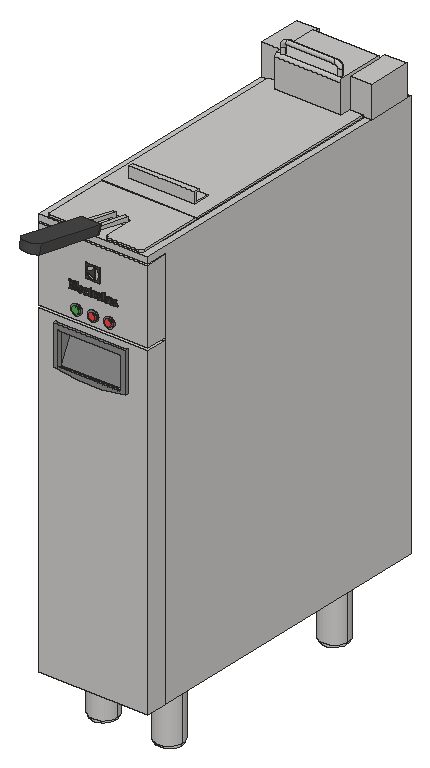
Revit family "QF_ELECTROLUXPROFESSIONAL_285564_EXFREB1BWQ", category Specialty Equipment, Revit 2018 (continued)
Automatic sketch dimensions
  Extrusion 26 sketch curve to Extrusion 26 sketch curve = 7.158 mm
  Extrusion 26 sketch curve to Extrusion 26 sketch curve = 71.42 mm
  Extrusion 26 sketch curve to Extrusion 26 sketch curve = 1.111 mm
  Extrusion 26 sketch curve to Extrusion 26 sketch curve = 5.916 mm
  Extrusion 24 to Extrusion 27 sketch curve = 0 mm
  Extrusion 27 sketch curve to Extrusion 24 = 59 mm
  Extrusion 27 sketch curve to Extrusion 27 sketch curve = 21.25 mm
  Extrusion 27 sketch curve to Extrusion 24 = 2 mm
  Extrusion 27 sketch curve to Extrusion 27 sketch curve = 5.75 mm
  Extrusion 27 sketch curve to Extrusion 27 sketch curve = 3 mm  (x2)
  Extrusion 27 sketch curve to Extrusion 27 sketch curve = 15 mm
  curve 25 to plane 3 "LEFT" = 0 mm
  plane 5 "FRONT" to curve 18 = 0 mm
  curve 23 to plane 15 = 0 mm
  curve 50 to plane 15 = 0 mm
  curve 74 to plane 15 = 0 mm
  plane 5 "FRONT" to curve 54 = 0 mm
  plane 5 "FRONT" to curve 56 = 0 mm
  plane 5 "FRONT" to curve 63 = 0 mm
  plane 5 "FRONT" to curve 57 = 0 mm
  plane 5 "FRONT" to curve 65 = 0 mm
  plane 5 "FRONT" to curve 66 = 0 mm
  curve 71 to plane 18 = 0 mm
  curve 73 to plane 18 = 0 mm
  curve 70 to plane 14 = 0 mm
  curve 26 to plane 14 = 0 mm
  curve 52 to plane 14 = 0 mm
  curve 18 to plane 19 = 0 mm
  curve 27 to plane 4 "RIGHT" = 0 mm
  plane 5 "FRONT" to curve 28 = 0 mm
  plane 3 "LEFT" to curve 43 = 13.5 mm
  curve 49 to curve 42 = 0 mm
  curve 46 to curve 46 = 5 mm
  curve 51 to curve 51 = 5 mm
  curve 50 to curve 50 = 5 mm
  plane 15 to curve 72 = 5 mm
  plane 15 to curve 71 = 5 mm
  plane 5 "FRONT" to curve 55 = 3.175 mm
  plane 15 to curve 55 = 23.625 mm
  curve 54 to curve 35 = 11.925 mm
  curve 35 to curve 56 = 0.775 mm
  curve 35 to curve 34 = 5 mm
  curve 55 to curve 36 = 5.195 mm
  curve 37 to curve 38 = 3.509 mm
  curve 33 to curve 32 = 5 mm
  plane 5 "FRONT" to curve 63 = 3.175 mm
  curve 63 to plane 7 "Center Y" = 6.375 mm
  plane 7 "Center Y" to curve 58 = 6.325 mm
  plane 7 "Center Y" to curve 31 = 14.641 mm
  curve 57 to curve 38 = 8.93 mm
  curve 39 to curve 40 = 3.5 mm
  curve 31 to curve 30 = 5 mm
  plane 5 "FRONT" to curve 64 = 3.175 mm
  curve 39 to curve 64 = 4.87 mm
  curve 30 to curve 29 = 5 mm
  curve 64 to curve 64 = 12.7 mm
  curve 52 to curve 52 = 5 mm
  curve 52 to curve 53 = 16.691 mm
  curve 45 to plane 5 "FRONT" = 8 mm
  curve 45 to plane 4 "RIGHT" = 18.309 mm
  curve 48 to plane 4 "RIGHT" = 13.309 mm
  curve 45 to curve 44 = 5 mm
  curve 45 to curve 18 = 3.809 mm
  plane 20 to curve 36 = 10.668 mm
  plane 20 to curve 40 = 10.668 mm
  curve 36 to curve 55 = 4.887 mm
  curve 40 to curve 64 = 4.878 mm
  curve 39 to curve 38 = 3.432 mm
  curve 46 to plane 5 "FRONT" = 8 mm
  curve 29 to plane 5 "FRONT" = 8 mm
  curve 34 to plane 5 "FRONT" = 8 mm
  plane 12 to curve 30 = 42.238 mm
  curve 43 to plane 12 = 28 mm
  curve 42 to curve 47 = 1 mm
  curve 47 to curve 68 = 29 mm
  curve 69 to curve 75 = 3.75 mm
  curve 75 to curve 70 = 16.25 mm
  curve 50 to plane 11 = 29 mm
  curve 53 to plane 11 = 29 mm
  curve 51 to curve 50 = 0 mm
  curve 52 to curve 53 = 0 mm
  plane 1 "BACK" to curve 27 = 10 mm
  curve 41 to curve 41 = 3.442 mm
  curve 33 to curve 62 = 0.049 mm
  curve 59 to curve 58 = 2.169 mm
  curve 60 to curve 32 = 5.822 mm
  curve 61 to curve 39 = 0.579 mm
  curve 40 to curve 41 = 11.603 mm
  curve 31 to curve 61 = 0 mm
  curve 49 to curve 25 = 5 mm
  curve 26 to curve 26 = 13.124 mm
  curve 23 to curve 23 = 13.124 mm
  curve 8 to plane 4 "RIGHT" = 0 mm
  curve 9 to plane 4 "RIGHT" = 0 mm
  plane 1 "BACK" to curve 17 = 0 mm
  curve 10 to plane 19 = 0 mm
  plane 5 "FRONT" to curve 3 = 0 mm
  curve 14 to plane 14 = 0 mm
  curve 15 to plane 15 = 0 mm
  plane 5 "FRONT" to curve 9 = 0 mm
  curve 9 to curve 3 = 9.5 mm
  curve 3 to curve 7 = 2.048 mm
  plane 18 to curve 20 = 3.059 mm
  plane 15 to curve 22 = 7.824 mm
  curve 4 to plane 5 "FRONT" = 3 mm
  plane 3 "LEFT" to curve 4 = 11.548 mm
  plane 1 "BACK" to curve 14 = 23.124 mm
  curve 19 to plane 11 = 27.073 mm
  curve 22 to curve 22 = 3.829 mm
  curve 20 to curve 12 = 5.415 mm
  curve 7 to plane 5 "FRONT" = 3 mm
  plane 7 "Center Y" to curve 6 = 24.641 mm
  curve 5 to plane 7 "Center Y" = 24.45 mm
  curve 15 to curve 19 = 8.803 mm
  curve 15 to curve 16 = 1.876 mm
  curve 15 to curve 7 = 1.876 mm
  plane 1 "BACK" to curve 28 = 0 mm
  plane 1 "BACK" to curve 25 = 10 mm
  curve 1 to plane 4 "RIGHT" = 0 mm
  curve 17 to plane 4 "RIGHT" = 0 mm
  curve 16 to plane 3 "LEFT" = 0 mm
  curve 1 to plane 3 "LEFT" = 0 mm
  radius of Sweep 20 sketch curve = 3.827 mm
  radius of Extrusion 7 sketch curve = 6.35 mm
  radius of Extrusion 13 sketch curve = 6.35 mm
  radius of Extrusion 15 sketch curve = 6.35 mm
  radius of Extrusion 17 sketch curve = 6.35 mm
Connectors
  electrical at (155, -50, 92)
    settings: on Extrusion 7, index 1, voltage 400 V, apparent load 16050 VA, apparent load phase1 0 VA, apparent load phase2 0 VA, apparent load phase3 0 VA, power factor 1, load classification "Other", number of poles 1, system type 30, power factor state 1, is connector primary yes, connector utility no, sub classification motor no, connector description "ELECTRICAL CONNECTION"
